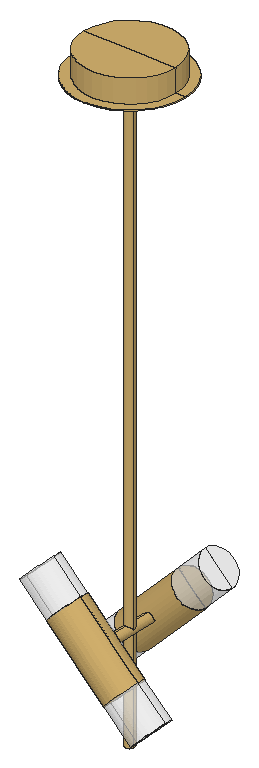
Revit family "3-6094-xx Alarum pendant", category Luminarias, Revit 2021
Family settings
  Anfitrión = Techo
  Cota de conector redondo = Diámetro de uso
  Tipo de pieza = Normal
  Número OmniClass = 23.80.70.11
  Título OmniClass = Luminaries for Internal Lighting
  Siempre vertical = Sí
  Corte con vacíos al cargar = No
  Origen de luz = Sí
  Compartido = No
  Punto de cálculo de habitación = No
Parameters (values of type "3-6094-40 / Aged Brass - Matte White Acrylic")
  Comentarios de vataje = "26.64 W at 120 V"  # constant formula
  Wattage = 26.64 W
  built-in parameter 1150110 = 1 (stored number, unit not read)
  Voltage Input = "120 V or 277 V - 50/60 Hz"  # constant formula
  Voltage = 277 V
  URL = ""
  built-in parameter 1114217 = 1 (stored number, unit not read)
  Tilt Angle = 90.00°  # constant formula
  built-in parameter 1150109 = 1 (stored number, unit not read)
  built-in parameter 1150134 = (empty or 0)
  built-in parameter 1150113 = 1 (stored number, unit not read)
  References = "Ref. 3 = 120 V / Ref. 37 = 277 V"  # constant formula
  Archivo de red fotométrica = "3-594-15 Alarum.ies"
  Modelo = "3-6094-xxx Alarun (Pendant)"  # constant formula
  Metal Finish = 40 - Aged Brass
  Fabricante = "Oxygen Lighting"  # constant formula
  Main Diffuser = Matte White Acrylic
  Lumens = 1539.79 lm
  built-in parameter 1150115 = 1 (stored number, unit not read)
  built-in parameter 1150105 = 122.53 (stored number, unit not read)
  built-in parameter 1150137 = (empty or 0)
  built-in parameter 1150139 = (empty or 0)
  built-in parameter 1150112 = 1 (stored number, unit not read)
  built-in parameter 1150114 = 1 (stored number, unit not read)
  Lámpara = "LED"  # constant formula
  built-in parameter 1150132 = (empty or 0)
  built-in parameter 1150102 = (empty or 0)
  built-in parameter 1150138 = (empty or 0)
  built-in parameter 1150107 = 3000 (stored number, unit not read)
  built-in parameter 1150106 = 1.2253 (stored number, unit not read)
  built-in parameter 1150104 = 5.3698 (stored number, unit not read)
  Dimming Lamp Color Temperature Shift = (empty or 0)
  Default Elevation = 0.00"
  Color Filter = 16777215
  built-in parameter 1114218 = 1 (stored number, unit not read)
  built-in parameter 1150133 = 10 (stored number, unit not read)
Types (3): name | Metal Finish
  (no name) | 40 - Aged Brass
  3-6094-15 / Black - Matte White Acrylic | 15 - Black
  3-6094-40 / Aged Brass - Matte White Acrylic | 40 - Aged Brass
Reference planes (in)
  plane 1 "Light Source Axis (F/B)": y = 0
  plane 2 "Ceiling": z = 96
  plane 3 "Light Source Axis (L/R)": x = 0
  plane 4 "Light Source Elevation": z = 64.03125
Forms (in)
  Revolve 1, solid, material "40 - Aged Brass" <- "Metal Finish"
    sketch origin (0, 0, 0) x (1, 0, 0) y (0, 0, 1)
      loop
        line (0, 96) -> (0, 64.03125) -> (0.22755, 64.03125) -> (0.22755, 94.14424) -> (0.27616, 94.14424) -> (0.27616, 94.77608) -> (2.85655, 94.77608) -> (2.85655, 94.81585) -> (2.3661, 94.81585) -> (2.3661, 96) -> (0, 96)
      axis (0, 96) -> (0, 64.03125)
    angle from 0 to 360
  Revolve 2, solid, material "40 - Aged Brass"
    sketch origin (0, 0, 0) x (0, 1, 0) y (0, 0, 1)
      loop
        line (1.33844, 69.62619) -> (-1.348, 69.62619) -> (-1.348, 69.36992) -> (1.33844, 69.36992) -> (1.33844, 69.62619)
      axis (1.33844, 69.36992) -> (-1.348, 69.36992)
    angle from 0 to 360
  Revolve 3, solid, material "Matte White Acrylic" <- "Main Diffuser"
    sketch origin (0, 2.1597, 0) x (1, 0, 0) y (0, 0, 1)
      loop
        line (1.46362, 70.83355) -> (2.85655, 72.22647) -> (2.15953, 72.92349) -> (0.76661, 71.53056) -> (1.46362, 70.83355)
      loop
        line (-1.46252, 67.9074) -> (-2.15953, 68.60442) -> (-3.55357, 67.21039) -> (-2.85655, 66.51337) -> (-1.46252, 67.9074)
      axis (-2.85655, 66.51337) -> (2.85655, 72.22647)
    angle from 0 to 360
  Revolve 4, solid, material "40 - Aged Brass" <- "Metal Finish"
    sketch origin (0, 2.1597, 0) x (1, 0, 0) y (0, 0, 1)
      loop
        line (0.76661, 71.53056) -> (-2.15953, 68.60442) -> (-1.46252, 67.9074) -> (1.46362, 70.83355) -> (0.76661, 71.53056)
      axis (-1.46252, 67.9074) -> (1.46362, 70.83355)
    angle from 0 to 360
  Revolve 5, solid, material "Matte White Acrylic" <- "Main Diffuser"
    sketch origin (0, -2.1597, 0) x (-1, 0, 0) y (0, 0, 1)
      loop
        line (1.46362, 70.83355) -> (2.85655, 72.22647) -> (2.15953, 72.92349) -> (0.76661, 71.53056) -> (1.46362, 70.83355)
      loop
        line (-1.46252, 67.9074) -> (-2.15953, 68.60442) -> (-3.55357, 67.21039) -> (-2.85655, 66.51337) -> (-1.46252, 67.9074)
      axis (-2.85655, 66.51337) -> (2.85655, 72.22647)
    angle from 0 to 360
  Revolve 6, solid, material "40 - Aged Brass" <- "Metal Finish"
    sketch origin (0, -2.1597, 0) x (-1, 0, 0) y (0, 0, 1)
      loop
        line (0.76661, 71.53056) -> (-2.15953, 68.60442) -> (-1.46252, 67.9074) -> (1.46362, 70.83355) -> (0.76661, 71.53056)
      axis (-1.46252, 67.9074) -> (1.46362, 70.83355)
    angle from 0 to 360
Lines and regions (in)
  symbolic lines
    curve 1: line (-17.5, 13.77739, 0) -> (17.5, 13.77739, 0)
Dimensions and locks (in)
  equal spacing: host sketch curve, plane 3 "Light Source Axis (L/R)", host sketch curve
  equal spacing: host sketch curve, plane 1 "Light Source Axis (F/B)", host sketch curve
  host sketch curve to host sketch curve = 120.00"  (x2)
  aligned and locked: plane 4 "Light Source Elevation" to imposter light
  aligned and locked: imposter light to plane 3 "Light Source Axis (L/R)"
  aligned and locked: imposter light to plane 1 "Light Source Axis (F/B)"
Connectors (in)
  electrical at (0, 0, 96), driven by "Voltage"
    settings: on host ceiling, index 1, voltage 277 V, apparent load 0 VA, apparent load phase1 0 VA, apparent load phase2 0 VA, apparent load phase3 0 VA, power factor 1, load classification "Other", number of poles 1, system type 31, power factor state 1, is connector primary yes, connector utility no, sub classification motor no, connector description ""
